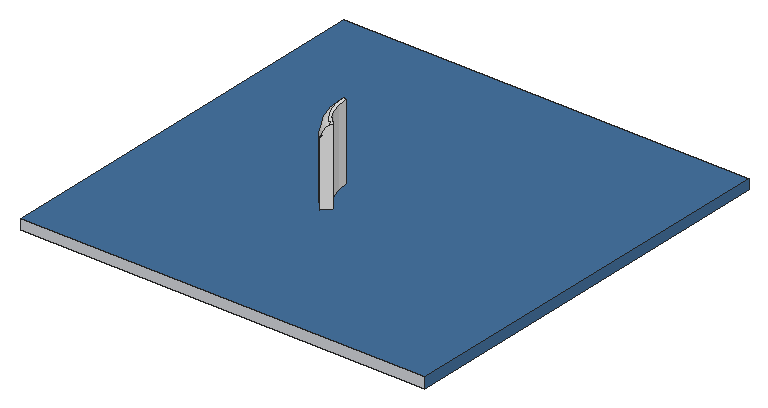
Revit family "PRESTO ARTE-L PN(F)", category Aparatos sanitarios, Revit 2015
Parameters (values of type "66500")
  URL = "http://www.prestoiberica.com/lavabo/temporizada-arte/presto-arte-l?c=es"
  Teléfono = "(+34) 915 782 575"
  TIPO DE AGUA = "Fria"
  REFERENCIA = "66500"
  Presión Máxima = ""
  PESO BRUTO = "0.596 Kg"
  Modelo = "PRESTO ARTE L"
  Material = LATON CROMADO
  Imagen de tipo = <Ninguno>
  Fabricante = "PRESTO IBÉRICA"
  Default Elevation = 1219.2 mm
  ENTRADA = "Macho 1/2\""
  Descripción = "Grifo temporizado de un agua para instalación mural con cuerpo de latón cromado."
  Código de montaje = "C1030220"
  Contacto = "info@prestoiberica.com"
  Conexión AF = yes
  Conexión AC = yes
  Comentarios de tipo = "Cuerpo y pulsador en latón cromado, piezas interiores en materiales resistentes a la corrosión y a las incrustaciones calcáreas"
  CIERRE = "Automático en 15 seg."
  CAUDAL = "6 L/Min"
  Accionamiento = "Por pulsador"
Reference planes
  plane 1 "Centro (Frontal/Posterior)": y = 0
  plane 2: z = 0
  plane 3 "Centro (Izquierda/Derecha)": x = 0
Forms (mm)
  Extrusion 1, solid
    sketch origin (0, 0, 0) x (1, 0, 0) y (0, 1, 0)
      loop
        line (-100, 100) -> (-100, -100) -> (100, -100) -> (100, 100) -> (-100, 100)
    from 0 to -5
  Sweep 2, solid, material "LATON CROMADO"
    path in 3D
      loop
        spline (-24, 0, 0) -> (-23.926, -2.1, 0) -> (-23.706, -4.191, 0) -> (-23.339, -6.262, 0) -> (-22.828, -8.302, 0) -> (-22.175, -10.303, 0) -> (-21.384, -12.252, 0) -> (-20.458, -14.142, 0) -> (-19.401, -15.962, 0) -> (-18.22, -17.704, 0) -> (-16.918, -19.359, 0) -> (-15.503, -20.919, 0) -> (-13.983, -22.376, 0)
    profile origin (-21.384, -12.252, 0) x (-0.912809, -0.408386, 0) y (0, 0, -1)
      loop
        line (-0.159, 0.116) -> (-5.159, 0.116) -> (-5.159, -37.107) -> (-3.807, -37.469)
        arc (-3.807, -37.469) -> (-1.129, -34.566) -> (-0.159, -30.737) r 8.035
        line (-0.159, -30.737) -> (-0.159, 0.116)
Lines and regions (mm)
  sketch lines
    curve 1: spline (-24, 0, 0) -> (-23.926, -2.1, 0) -> (-23.706, -4.191, 0) -> (-23.339, -6.262, 0) -> (-22.828, -8.302, 0) -> (-22.175, -10.303, 0) -> (-21.384, -12.252, 0) -> (-20.458, -14.142, 0) -> (-19.401, -15.962, 0) -> (-18.22, -17.704, 0) -> (-16.918, -19.359, 0) -> (-15.503, -20.919, 0) -> (-13.983, -22.376, 0)
Dimensions and locks
  Extrusion 1 sketch curve to plane 1 "Centro (Frontal/Posterior)" = 100 mm
  aligned and locked: plane 2 to Extrusion 1
  aligned and locked: level to Extrusion 1
Connectors
  piping at (0, 0, -50), diameter 12.7
    settings: on import instance, index 1, connector inside diameter 609.6 mm, connector length 0 mm, flow factor 0, pipe flow 0.0 L/s, pressure drop 0.0 Pa, fitting loss kfactor 0, connector angle 0.00°, fixture units 0, engagement length 0 mm, angle of deflection 0.00°, flow configuration 0, flow direction 1, fitting loss method 0, system type 20, joint type 0, gender type 0, connector reference index -1, connector utility 0, adjustable connector no, is connector primary yes, connector description ""
